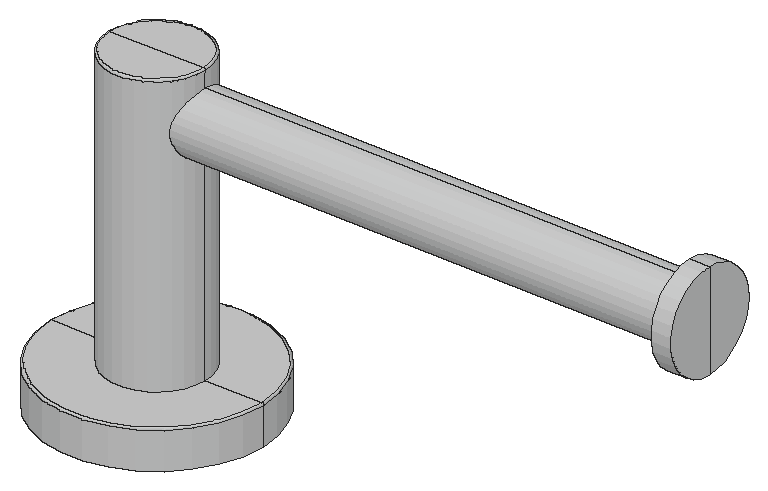
Revit family "ToiletRollHolder_SurfaceMount_Abey_Builders_FaceBased", category Specialty Equipment, host Face, Revit 2022
Family settings
  Host = Face
  Round Connector Dimension = Use Diameter
  Part Type = Normal
  OmniClass Number = 23.31.25.21
  OmniClass Title = Toilet Paper Dispensers
  Cut with Voids When Loaded = No
  Maintain Annotation Orientation = No
  Shared = No
  Room Calculation Point = No
Parameters (values of type "Chrome (1AB-TRH)")
  Uniclass2015Version = "Products v1.38"
  Uniclass2015Title = "Paper roll dispensers"
  Uniclass2015Code = "Pr_40_70_22_61"
  URL = "https://www.abey.com.au/"
  Type Comments = "Toilet Roll Holder - Surface Mount - Chrome"
  ModifiedIssue = 20251103
  Model = "1AB-TRH"
  Material = Metal_Abey_Chrome
  ManufacturerURLProductSpecific = "https://www.abeyspecifier.com.au/product/abey-builders-toilet-roll-holder/"
  ManufacturerSpecCode = Model  # "1AB-TRH"
  ManufacturerOverallWidth = 170 mm  # constant formula
  ManufacturerOverallHeight = 55 mm  # constant formula
  ManufacturerOverallDepth = 82 mm  # constant formula
  Manufacturer = "Abey"
  Keynote = ""
  IfcExportType = "NOTDEFINED"
  IfcExportAs = "IfcFurniture"
  Description = "Abey Builders Toilet Roll Holder Chrome"
  Default Elevation = 1700 mm
  CreatedByURL = "https://igsgroup.com.au"
  CreatedBy = "IGS BIM Solutions"  # constant formula
  Cost = 0
  Assembly Code = "C1030210"
Types (3, lengths in mm): name | Type Comments | Model | Material | ManufacturerURLProductSpecific | ManufacturerSpecCode | Description
  Chrome (1AB-TRH) | "Toilet Roll Holder - Surface Mount - Chrome" | "1AB-TRH" | Metal_Abey_Chrome | "https://www.abeyspecifier.com.au/product/abey-builders-toilet-roll-holder/" | "1AB-TRH" | "Abey Builders Toilet Roll Holder Chrome"
  Brushed Nickel (1AB-TRH-BN) | "Toilet Roll Holder - Surface Mount - Brushed Nickel" | "1AB-TRH-BN" | Metal_Abey_BrushedNickel | "https://www.abeyspecifier.com.au/product/abey-builders-toilet-roll-holder/?attribute_pa_finish=brushed-nickel" | "1AB-TRH-BN" | "Abey Builders Toilet Roll Holder Brushed Nickel"
  Black (1AB-TRH-B) | "Toilet Roll Holder - Surface Mount - Black" | "1AB-TRH-B" | Metal_Abey_Black | "https://www.abeyspecifier.com.au/product/abey-builders-toilet-roll-holder/?attribute_pa_finish=black" | "1AB-TRH-B" | "Abey Builders Toilet Roll Holder Black"
Reference planes
  plane 1 "Top": y = 46.5
  plane 2 "WallFace": z = 0
  plane 3 "WallDiscCenter (Left/Right)": x = -154.68
  plane 4 "Bottom": y = -8.5
  plane 5 "Left": x = -182.18
  plane 6 "Right": x = -12.18
  plane 7 "Back": z = 0
  plane 8 "Front": z = 82
  plane 9 "MountingHeight": y = 19
Text (mm)
  text "Disclaimer:\nDue to ongoing product development and manufacturing evolution, product details are subject to change without notice. Please refer to product technical data sheets on the manufacturers website for the most current product information. Please allow a +/- 5mm manufacturing tolerance for dimensions and set-outs shown in product literature." at (431.593, 11.453, 0), in view "Ref. Level"
Dimensions and locks
  locked: plane 5 "Left" to plane 3 "WallDiscCenter (Left/Right)" at 27.5
  "ManufacturerOverallWidth": plane 5 "Left" to plane 6 "Right"
  "ManufacturerOverallHeight": plane 4 "Bottom" to plane 1 "Top"
  "ManufacturerOverallDepth": plane 8 "Front" to plane 7 "Back"
  equal spacing: plane 4 "Bottom", plane 9 "MountingHeight", plane 1 "Top"
  aligned and locked: plane 2 "WallFace" to host face
  aligned and locked: level to host face
  aligned and locked: plane 7 "Back" to plane 2 "WallFace"
  aligned and locked: plane 7 "Back" to nested 1
  aligned and locked: nested 1 to plane 9 "MountingHeight"
  aligned and locked: plane 3 "WallDiscCenter (Left/Right)" to nested 1
Automatic sketch dimensions
  host sketch curve to host sketch curve = 591.022 mm
  host sketch curve to host sketch curve = 204.032 mm
Nested families
  nested 1: "z_ToiletRollHolder_SurfaceMount_Abey_Builders" at (-34.68, 19, 177.5) x (1, 0, 0) z (0, 1, 0), type "Type 1"
Definition of nested family "z_ToiletRollHolder_SurfaceMount_Abey_Builders"
  Parameters (values of type "Type 1")
    URL = "https://www.abey.com.au/"
    Type Comments = ""
    Model = ""
    ManufacturerOverallWidth = 170 mm  # constant formula
    ManufacturerOverallHeight = 55 mm  # constant formula
    ManufacturerOverallDepth = 82 mm  # constant formula
    Manufacturer = "Abey"
    Description = ""
    Default Elevation = 0 mm
    CreatedByURL = "https://igsgroup.com.au"
    CreatedBy = "IGS BIM Solutions"  # constant formula
    Material = none
    Assembly Code = "C1030210"
  Reference planes
    plane 1 "Ref. Level": z = 0
    plane 2 "Left": x = -147.5
    plane 3 "Right": x = 22.5
    plane 4 "Back": y = 177.5
    plane 5 "Center (Elevation)": z = 0
    plane 6 "Top": z = 27.5
    plane 7 "WallDiscCenter (Left/Right)": x = -120
    plane 8 "Front": y = 95.5
    plane 9 "Bottom": z = -27.5
  Forms (mm)
    Revolve 1, solid, material <- "Material"
      sketch origin (0, 0, 0) x (0, -1, 0) y (1, 0, 0)
        loop
          line (-177.5, -147.5) -> (-168, -147.5)
          arc (-168, -147.5) -> (-167.646, -147.354) -> (-167.5, -147) r 0.5
          line (-167.5, -147) -> (-167.5, -132.5) -> (-96, -132.5)
          arc (-96, -132.5) -> (-95.646, -132.354) -> (-95.5, -132) r 0.5
          line (-95.5, -132) -> (-95.5, -120) -> (-177.5, -120) -> (-177.5, -147.5)
        axis (-95.5, -120) -> (-177.5, -120)
      angle from 0 to 360
    Revolve 2, solid, material <- "Material"
      sketch origin (0, 0, 0) x (0, -1, 0) y (1, 0, 0)
        loop
          line (-95.5, 22.5) -> (-108, 22.5) -> (-108, -116.878) -> (-100, -116.878) -> (-100, 17.5) -> (-95.5, 17.5) -> (-95.5, 22.5)
        axis (-108, -116.878) -> (-108, 22.5)
      angle from 0 to 360
  Cuts and joins
    joined: Revolve 1, Revolve 2
  Lines and regions (mm)
    Masking region 1
      outline origin (0, 0, 27.5) x (0, -1, 0) y (1, 0, 0)
        loop
          line (-177.5, -92.5) -> (-177.5, -147.5) -> (-168, -147.5)
          arc (-168, -147.5) -> (-167.646, -147.354) -> (-167.5, -147) r 0.5
          line (-167.5, -147) -> (-167.5, -132.5) -> (-96, -132.5)
          arc (-96, -132.5) -> (-95.646, -132.354) -> (-95.5, -132) r 0.5
          line (-95.5, -132) -> (-95.5, -108)
          arc (-95.5, -108) -> (-95.646, -107.646) -> (-96, -107.5) r 0.5
          line (-96, -107.5) -> (-100, -107.5) -> (-100, 17.5) -> (-95.5, 17.5) -> (-95.5, 22.5) -> (-120.5, 22.5) -> (-120.5, 17.5) -> (-116, 17.5) -> (-116, -107.5) -> (-167.5, -107.5) -> (-167.5, -93)
          arc (-167.5, -93) -> (-167.646, -92.646) -> (-168, -92.5) r 0.5
          line (-168, -92.5) -> (-177.5, -92.5)
    symbolic lines, detail levels medium+fine
      curve 1: line (-107.5, 116, 27.5) -> (-107.5, 100, 27.5)
      curve 2: line (-132.5, 167.5, 27.5) -> (-107.5, 167.5, 27.5)
      curve 3: line (17.5, 116, 27.5) -> (17.5, 100, 27.5)
  Dimensions and locks
    "ManufacturerOverallWidth": plane 2 "Left" to plane 3 "Right"
    locked: plane 2 "Left" to plane 7 "WallDiscCenter (Left/Right)" at 27.5
    "ManufacturerOverallDepth": plane 8 "Front" to plane 4 "Back"
    equal spacing: plane 6 "Top", plane 5 "Center (Elevation)", plane 9 "Bottom"
    "ManufacturerOverallHeight": plane 6 "Top" to plane 9 "Bottom"
    aligned and locked: level to plane 1 "Ref. Level"
  Automatic sketch dimensions
    plane 4 "Back" to Revolve 1 sketch curve = 0 mm  (x2)
    Revolve 1 sketch curve to plane 2 "Left" = 0 mm
    plane 8 "Front" to Revolve 1 sketch curve = 0 mm
    plane 4 "Back" to Revolve 1 sketch curve = 9.5 mm
    plane 4 "Back" to Revolve 1 sketch curve = 10 mm
    Revolve 1 sketch curve to plane 8 "Front" = 0.5 mm
    Revolve 1 sketch curve to Revolve 1 sketch curve = 14.5 mm
    Revolve 1 sketch curve to Revolve 1 sketch curve = 12 mm
    Revolve 1 sketch curve to plane 4 "Back" = 10 mm
    Revolve 1 sketch curve to Revolve 1 sketch curve = 0 mm
    Revolve 2 sketch curve to plane 3 "Right" = 0 mm  (x2)
    plane 8 "Front" to Revolve 2 sketch curve = 0 mm
    Revolve 2 sketch curve to plane 8 "Front" = 4.5 mm
    Revolve 2 sketch curve to Revolve 2 sketch curve = 8 mm
    plane 3 "Right" to Revolve 2 sketch curve = 5 mm
    Revolve 2 sketch curve to Revolve 2 sketch curve = 0 mm
    Revolve 2 sketch curve to plane 3 "Right" = 10 mm
    plane 2 "Left" to Revolve 2 sketch curve = 30.622 mm
    Masking region 1 sketch curve to plane 2 "Left" = 0 mm
    plane 4 "Back" to Masking region 1 sketch curve = 0 mm
    Masking region 1 sketch curve to plane 3 "Right" = 0 mm
    plane 8 "Front" to Masking region 1 sketch curve = 0 mm  (x2)
    Masking region 1 sketch curve to Masking region 1 sketch curve = 9.5 mm  (x2)
    plane 4 "Back" to Masking region 1 sketch curve = 10 mm
    Masking region 1 sketch curve to Masking region 1 sketch curve = 0.5 mm  (x2)
    Masking region 1 sketch curve to Masking region 1 sketch curve = 4.5 mm
    Masking region 1 sketch curve to plane 8 "Front" = 0.5 mm
    Masking region 1 sketch curve to Masking region 1 sketch curve = 14.5 mm  (x2)
    Masking region 1 sketch curve to Masking region 1 sketch curve = 24 mm
    plane 3 "Right" to Masking region 1 sketch curve = 5 mm
    Masking region 1 sketch curve to Masking region 1 sketch curve = 5 mm
    Masking region 1 sketch curve to plane 8 "Front" = 4.5 mm
    Masking region 1 sketch curve to Masking region 1 sketch curve = 16 mm
    Masking region 1 sketch curve to Masking region 1 sketch curve = 25 mm
    plane 4 "Back" to curve 2 = 10 mm
    plane 2 "Left" to curve 2 = 15 mm
    plane 3 "Right" to curve 3 = 5 mm
    curve 3 to plane 8 "Front" = 20.5 mm
    curve 1 to plane 8 "Front" = 20.5 mm
    curve 3 to plane 8 "Front" = 4.5 mm
    curve 1 to plane 8 "Front" = 4.5 mm
    plane 2 "Left" to curve 1 = 40 mm
    curve 2 to curve 2 = 25 mm
